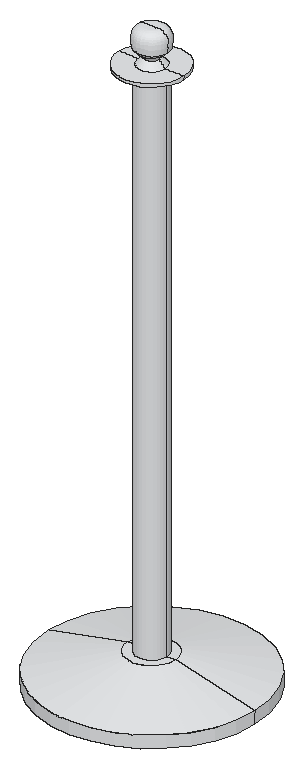
Revit family "DQMG0003", category Generic Models, Revit 2017
Family settings
  Can host rebar = No
  Round Connector Dimension = Use Diameter
  Part Type = Normal
  Work Plane-Based = No
  Always vertical = Yes
  Cut with Voids When Loaded = Yes
  Shared = No
  Room Calculation Point = No
Parameters
  Website = "https://dolphy.in/"  # constant formula
  Contact number = "+91 9520202035"  # constant formula
  Contact email = "info@dolphy.in"  # constant formula
  Company name = "Dolphy India"  # constant formula
Reference planes
  plane 1 "Center (Front/Back)": y = 0
  plane 2: z = 0
  plane 3 "Center (Left/Right)": x = 0
Forms (mm)
  Revolve 1, solid, material "Dolphy_CHROME"
    sketch origin (0, 0, 0) x (1, 0, 0) y (0, 0, 1)
      loop
        line (0, 0) -> (0, 999.999)
        spline (0, 999.999) -> (-6.745, 1000.148) -> (-10.494, 1000.259) -> (-13.743, 1000.027) -> (-16.656, 999.33) -> (-19.522, 998.138) -> (-22.305, 996.392) -> (-24.64, 994.004) -> (-26.32, 990.891) -> (-27.406, 986.99) -> (-27.965, 982.227) -> (-27.893, 976.374) -> (-26.967, 969.1)
        line (-26.967, 969.1) -> (-22.5, 964.633) -> (-11.893, 954.027) -> (-22.5, 943.42) -> (-55, 943.42) -> (-55, 938.42) -> (-25, 938.42) -> (-25, 50) -> (-40, 50) -> (-175, 20) -> (-175, 0) -> (0, 0)
      axis (0, 999.999) -> (0, 0)
    angle from 0 to 360
Dimensions and locks
  Revolve 1 sketch curve to Revolve 1 sketch curve = 999.999 mm
  Revolve 1 sketch curve to Revolve 1 sketch curve = 25 mm
  Revolve 1 sketch curve to Revolve 1 sketch curve = 175 mm
  aligned and locked: level to plane 2
